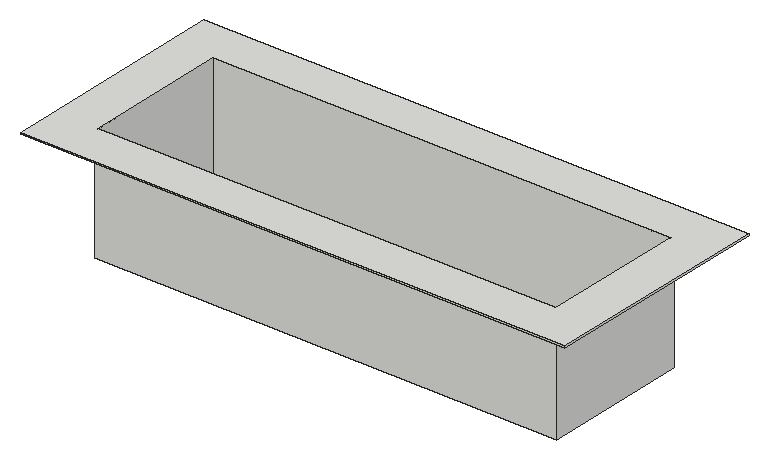
Revit family "Shelf-Recessed-Whitehall-BestCare-WH1820FA_Series", category Specialty Equipment, host Face, Revit 2018
Family settings
  Host = Face
  Round Connector Dimension = Use Diameter
  Part Type = Normal
  OmniClass Number = 23.40.20.27.11
  OmniClass Title = Shelves
  Cut with Voids When Loaded = Yes
  Shared = Yes
  Room Calculation Point = No
Parameters (values of type "WH1820FA")
  Width = 4"  # constant formula
  URL = "https://www.whitehallmfg.com/home"
  Type Comments = ""
  Product Page URL = "https://www.whitehallmfg.com/product.aspx?ProductId=603"
  Product Documentation Link = "https://www.whitehallmfg.com/uploads/fileLibrary/WH1820FA.pdf"
  Price = "Prices may vary. Please consult Manufacturer Representative for most up-to-date price list."  # constant formula
  Model = "WH1820FA"
  Material = "Enviro Glaze-Whitehall-Powder Coated Snow White"
  Manufacturer = "Whitehall Mfg."  # constant formula
  Length = 19"  # constant formula
  Installation Type = "Recessed Wall Mounted"
  Inner Width = 5"  # constant formula
  Inner Length = 16"  # constant formula
  Height = 8"  # constant formula
  Finish = Enviro Glaze-Whitehall-Powder Coated Snow White
  Description = "BestCare® Ligature-Resistant Recessed Shelf"
  Default Elevation = 0"
  Creation Date = "02/10/2022"  # constant formula
  Assembly Code = "C1030320"
  ADA Compliant = yes
Types (3): name | Model | Material | Finish
  (no name) | "WH1820FA" | "Enviro Glaze-Whitehall-Powder Coated Snow White" | Enviro Glaze-Whitehall-Powder Coated Snow White
  WH1820FA | "WH1820FA" | "Enviro Glaze-Whitehall-Powder Coated Snow White" | Enviro Glaze-Whitehall-Powder Coated Snow White
  WH1820FA-SS | "WH1820FA-SS" | "Metal-Whitehall-Stainless Steel" | Metal-Whitehall-Stainless Steel
Reference planes (in)
  plane 1 "Center (Front/Back)": y = 0
  plane 2: z = 0
  plane 3 "Center (Left/Right)": x = 0
  plane 4: x = -9.5
  plane 5: x = 9.5
  plane 6: y = 8
  plane 7: x = -8
  plane 8: x = 8
  plane 9: y = 4
  plane 10: y = 6.5
  plane 11: y = 1.5
  plane 12: z = -4
Forms (in)
  Extrusion 1, solid, material "Enviro Glaze-Whitehall-Powder Coated Snow White" <- "Finish"
    sketch origin (0, 0, 0) x (1, 0, 0) y (0, 1, 0)
      loop
        line (-9.5, 8) -> (-9.5, 0) -> (9.5, 0) -> (9.5, 8) -> (-9.5, 8)
      loop
        line (-8, 6.5) -> (-8, 1.5) -> (8, 1.5) -> (8, 6.5) -> (-8, 6.5)
    from 0 to 0.04975
  Extrusion 2, solid, material "Enviro Glaze-Whitehall-Powder Coated Snow White" <- "Finish"
    sketch origin (0, 0, 0) x (1, 0, 0) y (0, 1, 0)
      loop
        line (-8.0625, 6.5625) -> (-8.0625, 1.4375) -> (8.0625, 1.4375) -> (8.0625, 6.5625) -> (-8.0625, 6.5625)
    from -4 to 0
  Extrusion 3, void
    sketch origin (0, 0, 0) x (1, 0, 0) y (0, 1, 0)
      loop
        line (-8, 6.5) -> (-8, 1.5) -> (8, 1.5) -> (8, 6.5) -> (-8, 6.5)
    from -3.92377 to 0.86349
  Extrusion 4, void
    sketch origin (0, 0, 0) x (1, 0, 0) y (0, 1, 0)
      loop
        line (-8.0625, 6.5625) -> (-8.0625, 1.4375) -> (8.0625, 1.4375) -> (8.0625, 6.5625) -> (-8.0625, 6.5625)
    from -4 to 2.47742
Cuts and joins
  Extrusion 3 cuts Extrusion 1
  Extrusion 3 cuts Extrusion 2
  joined: Extrusion 1, Extrusion 2
Lines and regions (in)
  Masking region 1
    outline origin (-2.74946, 26.3125, 0) x (0, 0, 1) y (1, 0, 0)
      loop
        line (0.04975, -6.75054) -> (0.04975, 12.24946) -> (0, 12.24946) -> (0, -6.75054) -> (0.04975, -6.75054)
  Masking region 2, detail levels medium+fine
    outline origin (-2.74946, 26.3125, 0) x (0, 0, 1) y (1, 0, 0)
      loop
        line (0, 10.81196) -> (-4, 10.81196) -> (-4, -5.31304) -> (0, -5.31304) -> (0, 10.81196)
Dimensions and locks (in)
  equal spacing: plane 4, plane 3 "Center (Left/Right)", plane 5
  "Length": plane 4 to plane 5
  "Height": plane 6 to plane 1 "Center (Front/Back)"
  equal spacing: plane 7, plane 3 "Center (Left/Right)", plane 8
  plane 7 to plane 8 = 16"
  equal spacing: plane 6, plane 9, plane 1 "Center (Front/Back)"
  "Width": level to plane 12
  aligned and locked: plane 2 to host face
  aligned and locked: level to host face
  aligned and locked: Extrusion 1 sketch curve to plane 6
  aligned and locked: plane 4 to Extrusion 1 sketch curve
  aligned and locked: Extrusion 1 sketch curve to plane 1 "Center (Front/Back)"
  aligned and locked: plane 5 to Extrusion 1 sketch curve
  aligned and locked: Extrusion 1 sketch curve to plane 10
  aligned and locked: plane 7 to Extrusion 1 sketch curve
  aligned and locked: Extrusion 1 sketch curve to plane 11
  aligned and locked: plane 8 to Extrusion 1 sketch curve
  aligned and locked: Extrusion 1 to level
  aligned and locked: Extrusion 2 to plane 12
  aligned and locked: level to Extrusion 2
  aligned and locked: plane 8 to Extrusion 3 sketch curve
  aligned and locked: Extrusion 3 sketch curve to plane 10
  aligned and locked: Extrusion 3 sketch curve to plane 11
  aligned and locked: plane 7 to Extrusion 3 sketch curve
  aligned and locked: Extrusion 4 sketch curve to cut or joined group of Extrusion 1, Extrusion 2, Extrusion 3  (x4)
  aligned and locked: Extrusion 4 to cut or joined group of Extrusion 1, Extrusion 2, Extrusion 3
  aligned and locked: cut or joined group of Extrusion 1, Extrusion 2, Extrusion 3 to Masking region 2 sketch curve
  aligned and locked: Masking region 2 sketch curve to cut or joined group of Extrusion 1, Extrusion 2, Extrusion 3  (x3)
Automatic sketch dimensions
  host sketch curve to host sketch curve = 96"  (x2)
  plane 10 to Extrusion 2 sketch curve = 1/16"
  Extrusion 2 sketch curve to plane 7 = 1/16"
  Extrusion 2 sketch curve to plane 8 = 1/16"
  plane 11 to Extrusion 2 sketch curve = 1/16"
  Masking region 1 sketch curve to level = 0"
  Masking region 1 sketch curve to plane 4 = 0"
  plane 5 to Masking region 1 sketch curve = 0"
  level to Masking region 1 sketch curve = 0.04975"
